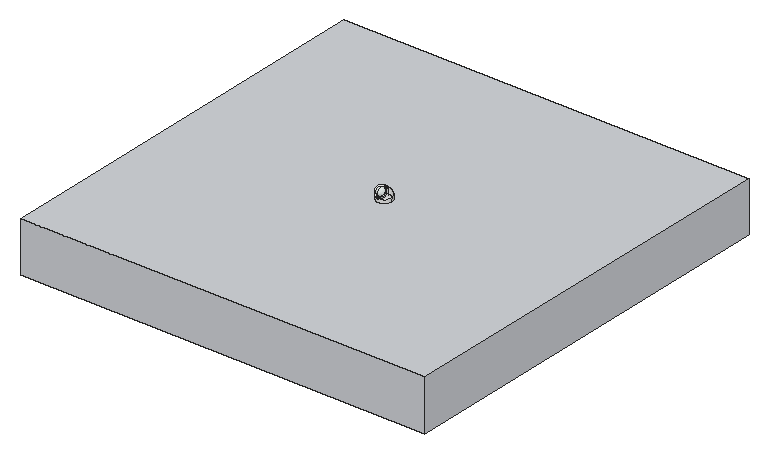
Revit family "Legrand_Lighting_Management_Standalone_Motion_Sensor_360D_Ceiling", category Dispositifs d'éclairage, Revit 2020
Family settings
  Hôte = Face
  Conserver l'orientation des annotations = Non
  Cote de connecteur circulaire = Utiliser le diamètre
  Type d'élément = Normal
  Couper avec des vides une fois chargée = Non
  Partagée = Non
  Point de calcul de pièce = Non
Parameters
  Ø Area in plan [instance] = 8000 mm
  Voltage type = "AC"
  URL = "http://www.legrandoc.com/048943"
  Temperature (MIN) (°C) = -5
  Temperature (MAX) (°C) = 45
  Suitable for wireless transmission = "no"
  Substation input = "no"
  Response value sensitivity adjustable = "no"
  Response value luminosity adjustable = "yes"
  Response value luminosity (MIN) (lx) = 5
  Response value luminosity (MAX) (lx) = 1275
  Remote operation = "no"
  RAL-number (akin) = "9003"
  Product ID = "048943"
  Nominal voltage (V) = "230"
  Mounting method = "Surface mounted (plaster)"
  Model = "Movement sensor"
  Min. switch-on time (s) = "10"
  Maximum mounting height (m) = "2.5"
  Max. switching power (W) = 1000
  Max. starting current (A) = "4.3"
  Max. duty cycle (mn) = "10"
  Label [instance] = no
  Indication distance [instance] = Ø Area in plan / 1000  # 8 mm
  Image du type = PH6-Ceiling.jpg
  HVAC-control = "no"
  General Conditions of Use = "https://export.legrand.com/en/terms-of-use-BIM-objects"
  Frequency (MIN) (Hz) = 50
  Frequency (MAX) (Hz) = 60
  Forced switch off = "no"
  Fabricant = "LEGRAND"
  Default Elevation = 0 mm
  ETIM-5.0 Class = "EC000133"
  Dim function with dimmer basic element = "no"
  Detection zone [instance] = no
  Detection angle horizontal (MIN) (°) = 0
  Detection angle horizontal (MAX) (°) = 360
  Description = "PIR MOTION SENSOR 360 DEGREES WALL/CEILING IP55"
  Constant light control = "yes"
  Colour = "White"
  Code d'assemblage = "D5010200"
  Classe de protection (IP) = "IP55"
  Ceiling position [instance] = 2500 mm
  Alarm function = "no"
Reference planes
  plane 1 "Centre (avant/arrière)": y = 0
  plane 2: z = 0
  plane 3 "Centre (gauche/droite)": x = 0
Forms (mm)
  Extrusion 1, solid
    sketch origin (0, 0, 0) x (1, 0, 0) y (0, 1, 0)
      loop
        line (-1219.2, 1219.2) -> (-1219.2, -1219.2) -> (1219.2, -1219.2) -> (1219.2, 1219.2) -> (-1219.2, 1219.2)
    from 0 to -304.8
Dimensions and locks
  aligned and locked: plane 2 to Extrusion 1
  aligned and locked: level to Extrusion 1
  aligned and locked: nested 1 to plane 2
Nested families
  nested 1: "048943 plaf" at (0, 0, 0), type "048943 plaf"
  nested 2: "Symbole C" at (0, 0, 0), type "Symbole C"
  nested 3: "Zone Plafond" at (0, 0, 0), visible <- "Detection zone", Ø zone en plan <- "Ø Area in plan", type "Zone Plafond"
    with Ø zone en plan 8000 mm, Ø Interieur 5333.333 mm
  nested 4: "Detection 360 Dia EN" at (0, 155.079, 0), visible <- "Label", Indication distance <- "Indication distance", type "Detection 360 Dia EN"
    with Indication distance 8 mm
Connectors
  electrical at (0, 0, 0)
    settings: on nested 1, index 1, voltage 230 V, apparent load 0 VA, apparent load phase1 0 VA, apparent load phase2 0 VA, apparent load phase3 0 VA, power factor 1, load classification "Autre", number of poles 1, system type 31, power factor state 1, is connector primary yes, connector utility no, sub classification motor no, connector description ""
Definition of nested family "048943 plaf"
  Parameters (values of type "048943 plaf")
    Optique = none
    built-in parameter 1140140 [instance] = 1 (stored number, unit not read)
    Finition = none
    Default Elevation = 0 mm
    built-in parameter 1140142 [instance] = -1
    built-in parameter 1155100 [instance] = -1
  Reference planes
    plane 1 "Centre (avant/arrière)": y = 0
    plane 2: z = 0
    plane 3 "Centre (gauche/droite)": x = 0
  Forms (mm)
    SweptBlend 1, solid, material <- "Finition"
      path origin (0, -45.25, 0) x (0, 0, -1) y (0, 1, 0)
        loop
          arc (-20.345, 67.875) -> (-47.049, 62.401) -> (-69.446, 46.863) r 67.875
      profile origin (0, 22.625, 20.345) x (0, -1, 0) y (1, 0, 0)
        loop
          circle (22.625, 0) r 44.25
      end profile origin (0, 1.613, 69.446) x (0, -0.690434, -0.723395) y (1, 0, 0)
        loop
          spline (32.637, -33) -> (41.176, -31.876) -> (49.132, -28.579) -> (55.965, -23.335) -> (61.208, -16.5) -> (64.504, -8.541) -> (65.628, 0) -> (64.504, 8.541) -> (61.208, 16.5) -> (55.965, 23.335) -> (49.132, 28.579) -> (41.176, 31.876) -> (32.637, 33)
          spline (32.637, 33) -> (24.098, 31.876) -> (16.141, 28.579) -> (9.309, 23.335) -> (4.066, 16.5) -> (0.77, 8.541) -> (-0.354, 0) -> (0.77, -8.541) -> (4.066, -16.5) -> (9.309, -23.335) -> (16.141, -28.579) -> (24.098, -31.876) -> (32.637, -33)
    Extrusion 2, solid, material <- "Finition"
      sketch origin (0, -20.92, 45.836) x (0, 0.690434, 0.723395) y (-1, 0, 0)
        loop
          arc (0, -33) -> (32.991, 0) -> (0, 33) r 33
          arc (0, 33) -> (-32.991, 0) -> (0, -33) r 33
      from 0 to 10
    Revolve 3, solid, material <- "Optique"
      sketch origin (0, -45.25, 0) x (0, 0, -1) y (0, 1, 0)
        loop
          arc (-69.372, 32.969) -> (-71.978, 17.908) -> (-64.892, 4.364) r 23.816
          line (-64.892, 4.364) -> (-52.74, 17.096) -> (-69.372, 32.969)
        axis (-52.74, 17.096) -> (-64.892, 4.364)
      angle from 0 to 360
    Extrusion 4, solid, material <- "Finition"
      sketch origin (0, -45.25, 12.905) x (1, 0, 0) y (0, 1, 0)
        loop
          circle (0, 45.25) r 44.249
      from -12.905 to 7.44
  Dimensions and locks
    aligned and locked: level to plane 2
    aligned and locked: Revolve 3 to Extrusion 2
    aligned and locked: Extrusion 4 to level
    aligned and locked: Extrusion 4 to SweptBlend 1
Definition of nested family "Symbole C"
  Reference planes
    plane 1: y = 0
    plane 2: x = 0
  Lines and regions (mm)
    detail lines
      curve 1: circle (0, 0, 0) r 0.872 normal (0, 0, 1)
      curve 2: circle (0, -0.457, 0) r 0.406 normal (0, 0, 1)
  Text (mm)
    text "IR" at (-0.268, -0.989, 0)
  Dimensions and locks
    aligned and locked: plane 1 to curve 1
    aligned and locked: plane 2 to curve 2
Definition of nested family "Zone Plafond"
  Parameters (values of type "Zone Plafond")
    Ø zone en plan [instance] = 4000 mm
    Ø Interieur [instance] = Ø zone en plan / 1.5  # 2666.667 mm
  Reference planes
    plane 1 "Centre (avant/arrière)": y = 0
    plane 2: z = 0
    plane 3 "Centre (gauche/droite)": x = 0
  Lines and regions (mm)
    detail lines, in view "Niveau de réf."
      curve 1: circle (0, 0, 0) r 2000 normal (0, 0, 1)
  Dimensions and locks
    "Ø zone en plan": diameter of curve 1
    aligned and locked: plane 3 "Centre (gauche/droite)" to curve 1
    aligned and locked: plane 1 "Centre (avant/arrière)" to curve 1
Definition of nested family "Detection 360 Dia EN"
  Parameters (values of type "Detection 360 Dia EN")
    Indication distance [instance] = 0 mm
  Reference planes
    plane 1: y = 0
    plane 2: x = 0
  Text (mm)
    label "360°, Indication distancem Ø detection at 2.5m height" at (-0.885, 0.234, 0), shows "Indication distance"
